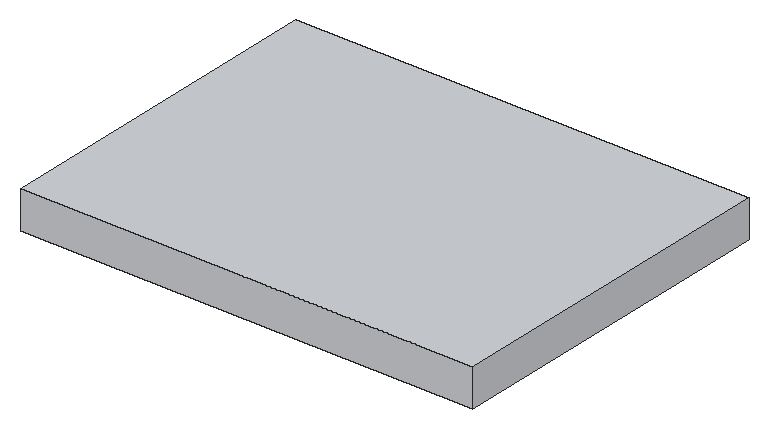
Revit family "47e44cc0426b477489018dd5fc1282e8", category Generic Models, host Face, Revit 2021
Family settings
  Host = Face
  Can host rebar = No
  Round Connector Dimension = Use Diameter
  Part Type = Normal
  Cut with Voids When Loaded = Yes
  Shared = Yes
  Room Calculation Point = No
Parameters (values of type "HWC 5 5/8''")
  Radius = 0' - 2 13/16"
  Position from Top [instance] = 0' - 4"
  Length of Instance [instance] = 4' - 0"
  Is Hole = yes
  Default Elevation = -0' - 1 5/8"
Reference planes (in)
  plane 1 "Center ( Front/Back)": y = 0
  plane 2 "Bottom": z = 0
  plane 3 "Center (Left/Right)": x = 0
  plane 4 "Left": x = 0
  plane 5: z = -4
Forms (in)
  Extrusion 1, solid
    sketch origin (-3.14961, 0, 0) x (1, 0, 0) y (0, 1, 0)
      loop
        line (-48.0315, 25) -> (-48.0315, -48) -> (48, -48) -> (48, 25) -> (-48.0315, 25)
    from 0 to -8
  Extrusion 2, void
    sketch origin (-0.7874, 0, -0.09843) x (1, 0, 0) y (0, 0, 1)
      loop
        circle (0.7874, -3.90157) r 2.8125
    from 0 to 48 <- "Length of Instance"
Dimensions and locks (in)
  "Position from Top": plane 5 to plane 2 "Bottom"
  "Radius": radius of Extrusion 2 sketch curve
  aligned and locked: plane 2 "Bottom" to Extrusion 1
  aligned and locked: level to Extrusion 1
  aligned and locked: plane 5 to Extrusion 2 sketch curve
  aligned and locked: plane 4 "Left" to Extrusion 2 sketch curve
Automatic sketch dimensions
  Extrusion 1 sketch curve to Extrusion 1 sketch curve = 8' - 0.0315"
  Extrusion 1 sketch curve to Extrusion 1 sketch curve = 6' - 1"
